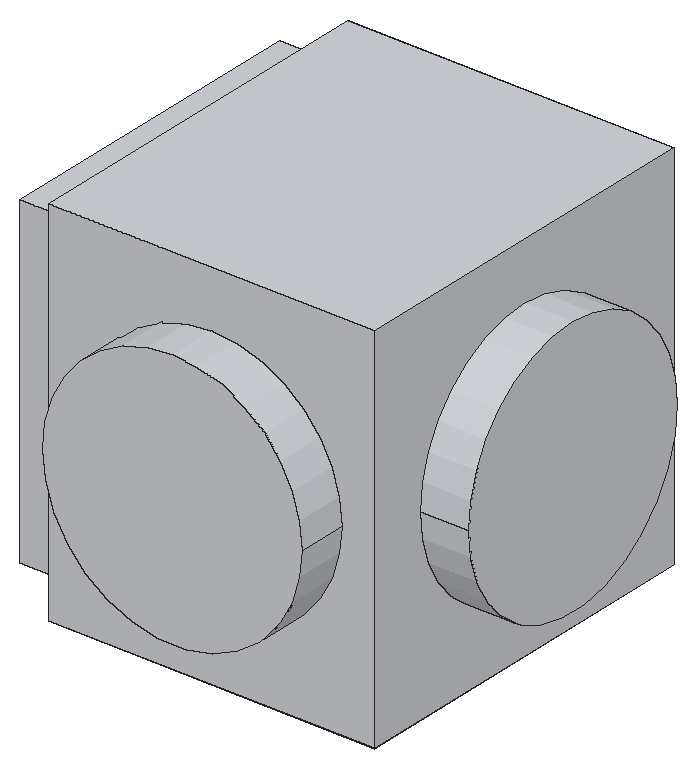
Revit family "13dbd04b6e844838bb6b34a1996bb2b3", category Duct Fittings, Revit 2021
Family settings
  Round Connector Dimension = Use Radius
  Part Type = Tee
  OmniClass Number = 23.75.70.11.14.24
  OmniClass Title = Air Mixers
  Seek Item ID = VAV Outlet Plenum - Wye-0000-USA-ENU
  Work Plane-Based = No
  Always vertical = Yes
  Cut with Voids When Loaded = No
  Shared = No
Parameters (values of type "Standard")
  Supply Air Outlet Radius = Supply Air Outlet Diameter / 2  # 4"
  Supply Air Outlet Diameter = 8"
  Supply Air Inlet Width = 10"
  Supply Air Inlet Height = 10"
  Specific Loss [instance] = 0.01 in-wg
  Plenum Width = Supply Air Inlet Width + 0' 1 1/2"  # 11 1/2"
  Plenum Length = 10"
  Plenum Height = Supply Air Inlet Height + 0' 1 1/2"  # 11 1/2"
  Lining Thickness = 0"
  Lining Supply Air Outlet Radius = Supply Air Outlet Radius - Lining Thickness * 2  # 4"
  Lining Supply Air Inlet Width = Supply Air Inlet Width - Lining Thickness * 2  # 10"
  Lining Supply Air Inlet Height = Supply Air Inlet Height - Lining Thickness * 2  # 10"
  Lining Plenum Width = Plenum Width - Lining Thickness * 2  # 11 1/2"
  Lining Plenum Length = Plenum Length - Lining Thickness * 2  # 10"
  Lining Plenum Height = Plenum Height - Lining Thickness * 2  # 11 1/2"
  Insulation Thickness = 0"
  Insulation Supply Air Outlet Radius = Supply Air Outlet Radius + Insulation Thickness * 2  # 4"
  Insulation Supply Air Inlet Width = Supply Air Inlet Width + Insulation Thickness * 2  # 10"
  Insulation Supply Air Inlet Height = Supply Air Inlet Height + Insulation Thickness * 2  # 10"
  Insulation Plenum Width = Plenum Width + Insulation Thickness * 2  # 11 1/2"
  Insulation Plenum Length = Plenum Length + Insulation Thickness * 2  # 10"
  Insulation Plenum Height = Plenum Height + Insulation Thickness * 2  # 11 1/2"
  Default Elevation = 0' - 0"
Reference planes (in)
  plane 1 "Center (Front/Back)": y = 0
  plane 2: z = 0
  plane 3 "Center (Left/Right)": x = 0
  plane 4: x = 5
  plane 5: x = -5
  plane 6: y = 5.75
  plane 7: y = -5.75
  plane 8: z = 5.75
  plane 9: z = -5.75
  plane 10: x = -6.5
  plane 11: x = 6.5
  plane 12: y = 5
  plane 13: y = -5
  plane 14: z = 5
  plane 15: z = -5
  plane 16: x = 5
  plane 17: x = -5
  plane 18: x = 5
  plane 19: x = -5
  plane 20: y = 5.75
  plane 21: y = -5.75
  plane 22: y = 5.75
  plane 23: y = -5.75
  plane 24: z = 5.75
  plane 25: z = -5.75
  plane 26: z = 5.75
  plane 27: z = -5.75
  plane 28: z = 5
  plane 29: z = -5
  plane 30: z = 5
  plane 31: z = -5
  plane 32: y = 5
  plane 33: y = -5
  plane 34: y = -5
  plane 35: y = 5
  plane 36: y = -7.25
Forms (in)
  Extrusion 1, solid
    sketch origin (0, 0, 0) x (1, 0, 0) y (0, 0, 1)
      loop
        line (-5, 5.75) -> (-5, -5.75) -> (5, -5.75) -> (5, 5.75) -> (-5, 5.75)
    from -5.75 to 5.75
  Extrusion 2, solid
    sketch origin (0, 0, 0) x (0, 1, 0) y (0, 0, 1)
      loop
        line (5, 5) -> (-5, 5) -> (-5, -5) -> (5, -5) -> (5, 5)
    from -6.5 to -5
  Extrusion 3, solid
    sketch origin (0, 0, 0) x (1, 0, 0) y (0, 0, 1)
      loop
        circle (0, 0) r 4
    from 7.25 to 5.75
  Extrusion 4, solid
    sketch origin (0, 0, 0) x (0, 1, 0) y (0, 0, 1)
      loop
        circle (0, 0) r 4
    from 5 to 6.5
  Extrusion 5, solid
    sketch origin (0, 0, 0) x (1, 0, 0) y (0, 1, 0)
      loop
        line (-5, 5.75) -> (-5, -5.75) -> (5, -5.75) -> (5, 5.75) -> (-5, 5.75)
    from -5.75 to 5.75
  Extrusion 6, solid
    sketch origin (0, 0, 0) x (1, 0, 0) y (0, 1, 0)
      loop
        line (-5, 5.75) -> (-5, -5.75) -> (5, -5.75) -> (5, 5.75) -> (-5, 5.75)
    from -5.75 to 5.75
  Extrusion 7, solid
    sketch origin (0, 0, 0) x (0, 1, 0) y (0, 0, 1)
      loop
        line (5, 5) -> (-5, 5) -> (-5, -5) -> (5, -5) -> (5, 5)
    from -6.5 to -5
  Extrusion 8, solid
    sketch origin (0, 0, 0) x (0, 1, 0) y (0, 0, 1)
      loop
        line (5, 5) -> (-5, 5) -> (-5, -5) -> (5, -5) -> (5, 5)
    from -6.5 to -5
  Extrusion 9, solid
    sketch origin (0, 0, 0) x (0, 1, 0) y (0, 0, 1)
      loop
        circle (0, 0) r 4
    from 5 to 6.5
  Extrusion 10, solid
    sketch origin (0, 0, 0) x (0, 1, 0) y (0, 0, 1)
      loop
        circle (0, 0) r 4
    from 5 to 6.5
  Extrusion 11, solid
    sketch origin (0, 0, 0) x (1, 0, 0) y (0, 0, 1)
      loop
        circle (0, 0) r 4
    from 5.75 to 7.25
  Extrusion 12, solid
    sketch origin (0, 0, 0) x (1, 0, 0) y (0, 0, 1)
      loop
        circle (0, 0) r 4
    from 5.75 to 7.25
Dimensions and locks (in)
  equal spacing: plane 5, plane 3 "Center (Left/Right)", plane 4
  "Plenum Length": plane 5 to plane 4
  equal spacing: plane 7, plane 1 "Center (Front/Back)", plane 6
  "Plenum Width": plane 7 to plane 6
  equal spacing: plane 8, plane 2, plane 9
  "Plenum Height": plane 8 to plane 9
  locked: plane 10 to plane 5 at 1.5
  locked: plane 4 to plane 11 at 1.5
  equal spacing: plane 12, plane 1 "Center (Front/Back)", plane 13
  "Supply Air Inlet Width": plane 12 to plane 13
  equal spacing: plane 14, plane 2, plane 15
  "Supply Air Inlet Height": plane 14 to plane 15
  equal spacing: plane 17, plane 3 "Center (Left/Right)", plane 16
  "Lining Plenum Length": plane 17 to plane 16
  equal spacing: plane 19, plane 3 "Center (Left/Right)", plane 18
  "Insulation Plenum Length": plane 19 to plane 18
  equal spacing: plane 21, plane 1 "Center (Front/Back)", plane 20
  "Lining Plenum Width": plane 21 to plane 20
  equal spacing: plane 23, plane 1 "Center (Front/Back)", plane 22
  "Insulation Plenum Width": plane 23 to plane 22
  equal spacing: plane 24, plane 2, plane 25
  "Lining Plenum Height": plane 24 to plane 25
  equal spacing: plane 26, plane 2, plane 27
  "Insulation Plenum Height": plane 26 to plane 27
  equal spacing: plane 28, plane 2, plane 29
  "Lining Supply Air Inlet Height": plane 28 to plane 29
  equal spacing: plane 31, plane 2, plane 30
  "Insulation Supply Air Inlet Height": plane 30 to plane 31
  equal spacing: plane 32, plane 1 "Center (Front/Back)", plane 33
  "Lining Supply Air Inlet Width": plane 32 to plane 33
  equal spacing: plane 35, plane 1 "Center (Front/Back)", plane 34
  "Insulation Supply Air Inlet Width": plane 35 to plane 34
  locked: plane 7 to plane 36 at 1.5
  "Supply Air Outlet Radius": radius of Extrusion 3 sketch curve
  "Supply Air Outlet Radius": radius of Extrusion 4 sketch curve
  "Insulation Supply Air Outlet Radius": radius of Extrusion 9 sketch curve
  "Lining Supply Air Outlet Radius": radius of Extrusion 10 sketch curve
  "Insulation Supply Air Outlet Radius": radius of Extrusion 11 sketch curve
  "Lining Supply Air Outlet Radius": radius of Extrusion 12 sketch curve
  aligned and locked: plane 5 to Extrusion 1 sketch curve
  aligned and locked: Extrusion 1 sketch curve to plane 8
  aligned and locked: plane 9 to Extrusion 1 sketch curve
  aligned and locked: Extrusion 1 sketch curve to plane 4
  aligned and locked: Extrusion 1 to plane 6
  aligned and locked: Extrusion 1 to plane 7
  aligned and locked: plane 12 to Extrusion 2 sketch curve
  aligned and locked: plane 14 to Extrusion 2 sketch curve
  aligned and locked: plane 15 to Extrusion 2 sketch curve
  aligned and locked: Extrusion 2 sketch curve to plane 13
  aligned and locked: plane 10 to Extrusion 2
  aligned and locked: Extrusion 2 to plane 5
  aligned and locked: plane 3 "Center (Left/Right)" to Extrusion 3 sketch curve
  aligned and locked: plane 2 to Extrusion 3 sketch curve
  aligned and locked: plane 1 "Center (Front/Back)" to Extrusion 4 sketch curve
  aligned and locked: plane 2 to Extrusion 4 sketch curve
  aligned and locked: Extrusion 4 to plane 4
  aligned and locked: plane 11 to Extrusion 4
  aligned and locked: plane 19 to Extrusion 5 sketch curve
  aligned and locked: plane 22 to Extrusion 5 sketch curve
  aligned and locked: plane 23 to Extrusion 5 sketch curve
  aligned and locked: Extrusion 5 sketch curve to plane 18
  aligned and locked: plane 17 to Extrusion 6 sketch curve
  aligned and locked: plane 20 to Extrusion 6 sketch curve
  aligned and locked: plane 21 to Extrusion 6 sketch curve
  aligned and locked: Extrusion 6 sketch curve to plane 16
  aligned and locked: plane 24 to Extrusion 6
  aligned and locked: plane 25 to Extrusion 6
  aligned and locked: plane 26 to Extrusion 5
  aligned and locked: plane 27 to Extrusion 5
  aligned and locked: Extrusion 7 sketch curve to plane 30
  aligned and locked: Extrusion 7 sketch curve to plane 31
  aligned and locked: Extrusion 7 sketch curve to plane 35
  aligned and locked: Extrusion 7 sketch curve to plane 34
  aligned and locked: Extrusion 8 sketch curve to plane 28
  aligned and locked: Extrusion 8 sketch curve to plane 29
  aligned and locked: plane 32 to Extrusion 8 sketch curve
  aligned and locked: plane 33 to Extrusion 8 sketch curve
  aligned and locked: Extrusion 7 to plane 5
  aligned and locked: plane 1 "Center (Front/Back)" to Extrusion 9 sketch curve
  aligned and locked: plane 2 to Extrusion 9 sketch curve
  aligned and locked: plane 1 "Center (Front/Back)" to Extrusion 10 sketch curve
  aligned and locked: plane 2 to Extrusion 10 sketch curve
  aligned and locked: Extrusion 9 to plane 4
  aligned and locked: plane 11 to Extrusion 9
  aligned and locked: plane 11 to Extrusion 10
  aligned and locked: plane 3 "Center (Left/Right)" to Extrusion 11 sketch curve
  aligned and locked: plane 2 to Extrusion 11 sketch curve
  aligned and locked: plane 3 "Center (Left/Right)" to Extrusion 12 sketch curve
  aligned and locked: plane 2 to Extrusion 12 sketch curve
  aligned and locked: plane 10 to Extrusion 7
  aligned and locked: plane 10 to Extrusion 8
  aligned and locked: Extrusion 11 to plane 7
  aligned and locked: Extrusion 11 to plane 36
  aligned and locked: Extrusion 3 to plane 7
  aligned and locked: Extrusion 3 to plane 36
  aligned and locked: Extrusion 12 to plane 36
  aligned and locked: Extrusion 8 to plane 17
  aligned and locked: Extrusion 10 to plane 16
  aligned and locked: plane 21 to Extrusion 12
Connectors (in)
  hvac at (-6.5, 0, 0), driven by "Supply Air Inlet Height", driven by "Lining Supply Air Inlet Width"
    settings: on Extrusion 2, index 1, duct flow 0 CFM, flow factor 0, pres drop 0.00 in-wg, loss coef 0, conn angle 0.00°, conn width 10", conn height 10", conn diameter 24", duct sys type 28, conn prof type 1, flow config 0, flow direction 0, loss method 0, conn ref index -1, conn util no, is conn primary yes, conn desc ""
  hvac at (6.5, 0, 0), driven by "Supply Air Outlet Radius"
    settings: on Extrusion 4, index 2, duct flow 0 CFM, flow factor 0, pres drop 0.00 in-wg, loss coef 0, conn angle 0.00°, conn width 12", conn height 12", conn diameter 8", duct sys type 28, conn prof type 0, flow config 0, flow direction 0, loss method 0, conn ref index -1, conn util no, is conn primary no, conn desc ""
  hvac at (0, -7.25, 0), driven by "Supply Air Outlet Radius"
    settings: on Extrusion 3, index 3, duct flow 0 CFM, flow factor 0, pres drop 0.00 in-wg, loss coef 0, conn angle 0.00°, conn width 12", conn height 12", conn diameter 8", duct sys type 28, conn prof type 0, flow config 0, flow direction 0, loss method 0, conn ref index -1, conn util no, is conn primary no, conn desc ""
